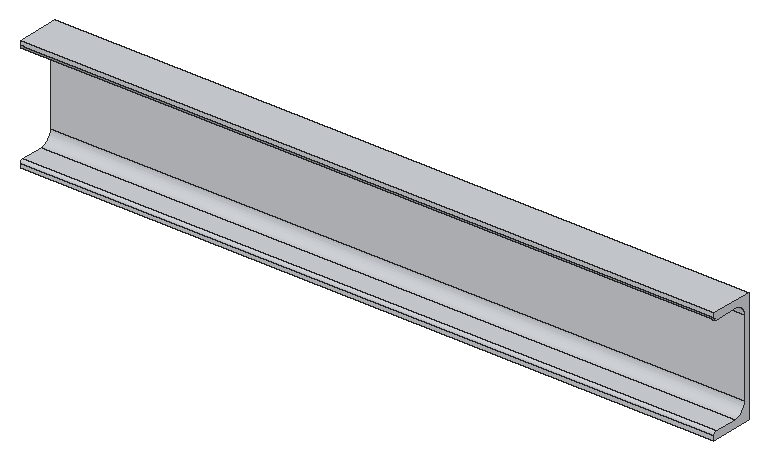
Revit family "StructuralFraming_Channel", category Structural Framing, Revit 2018
Family settings
  Structural Framing Length Roundoff = 1 mm
  Section Shape = C-channel Parallel Flange
  Material for Model Behavior = Steel
  Always export as geometry = No
  Always vertical = Yes
  Cut with Voids When Loaded = No
  Symbolic Representation = From Project Settings
  Shared = No
  Show family pre-cut in plan views = Yes
Parameters (values of type "UAP200")
  Width = 75 mm
  Web Toe of Fillet = 0 mm
  Web Thickness = 8 mm
  Web Fillet = 20 mm
  Warping Constant = (empty or 0)
  Torsional Moment of Inertia = 0 cm⁴
  Torsional Modulus = 0 cm³
  Structural Material [instance] = none
  Shear Area weak axis = 0.0 cm²
  Shear Area strong axis = 0.0 cm²
  Section Area = 0.0 cm²
  Principal Axes Angle = 0.00°
  Plastic Modulus weak axis = 0 cm³
  Plastic Modulus strong axis = 0 cm³
  Perimeter = (empty or 0)
  Nominal Weight = 0 N/m
  Moment of Inertia weak axis = 0 cm⁴
  Moment of Inertia strong axis = 0 cm⁴
  Height = 200 mm
  Flange Toe of Fillet = 5 mm
  Flange Thickness = 12 mm
  Elastic Modulus weak axis = 0 cm³
  Elastic Modulus strong axis = 0 cm³
  Clear Web Height = 0 mm
  Centroid Vertical = 0 mm
  Centroid Horizontal = 22 mm
  Bolt Spacing = 0 mm
  built-in parameter 1005539 = (empty or 0)
  Assembly Code = ""
  Length [instance] = 1500 mm
Reference planes
  plane 1 "Center (Front/Back)": y = 0
  plane 2: z = 0
  plane 3 "Center (Left/Right)": x = 4.61
  plane 4 "Member Left": x = -604.99
  plane 5 "Member Right": x = 614.21
  plane 6: y = 22.2
  plane 7: y = -52.8
  plane 8 "Top": z = 100
  plane 9: z = -100
  plane 10 "t": y = 17.462
  plane 11 "Left": x = -757.39
  plane 12 "Right": x = 742.61
Forms (mm)
  Sweep 1, solid, material <- "Structural Material", detail levels fine
    path origin (0, 0, 0) x (1, 0, 0) y (0, 1, 0)
      loop
        line (614.21, 0) -> (-604.99, 0)
    profile "M_Parallel Channel-Profile-Fine : M_Parallel Channel-Profile-Fine" origin (4.61, 0, 0) x (0, -1, 0) y (0, 0, 1)
      loop
        line (-22, -100) -> (53, -100) -> (53, -93)
        arc (53, -93) -> (51.536, -89.464) -> (48, -88) r 5
        line (48, -88) -> (6, -88)
        arc (6, -88) -> (-8.142, -82.142) -> (-14, -68) r 20
        line (-14, -68) -> (-14, 68)
        arc (-14, 68) -> (-8.142, 82.142) -> (6, 88) r 20
        line (6, 88) -> (48, 88)
        arc (48, 88) -> (51.536, 89.464) -> (53, 93) r 5
        line (53, 93) -> (53, 100) -> (-22, 100) -> (-22, -100)
  Sweep 2, solid, material <- "Structural Material", detail levels medium
    path origin (0, 0, 0) x (1, 0, 0) y (0, 1, 0)
      loop
        line (614.21, 0) -> (-604.99, 0)
    profile "M_Parallel Channel-Profile-Medium : M_Parallel Channel-Profile-Medium" origin (4.61, 0, 0) x (0, -1, 0) y (0, 0, 1)
      loop
        line (-22, -100) -> (53, -100) -> (53, -88) -> (-14, -88) -> (-14, 88) -> (53, 88) -> (53, 100) -> (-22, 100) -> (-22, -100)
Lines and regions (mm)
  symbolic lines, style "Hidden Faces", detail levels medium+fine
    curve 1: line (-604.99, 17.462, 0) -> (614.21, 17.462, 0)
    curve 2: line (-604.99, 17.462, 86.531) -> (614.21, 17.462, 86.531)
    curve 3: line (-604.99, 17.462, -86.531) -> (614.21, 17.462, -86.531)
  symbolic lines, style "Stick Symbols", detail levels coarse
    curve 4: line (4.61, 22, 100) -> (4.61, -53, 100)
    curve 5: line (4.61, 22, -100) -> (4.61, 22, 100)
    curve 6: line (4.61, -53, -100) -> (4.61, 22, -100)
Dimensions and locks
  plane 6 to plane 7 = 75 mm
  plane 9 to plane 8 "Top" = 200 mm
  plane 6 to plane 1 "Center (Front/Back)" = 22.2 mm
  equal spacing: plane 9, plane 2, plane 8 "Top"
  "Length": plane 11 "Left" to plane 12 "Right"
  aligned and locked: Sweep 1 sketch curve to plane 1 "Center (Front/Back)"
  aligned and locked: Sweep 2 sketch curve to plane 1 "Center (Front/Back)"
  aligned and locked: curve 4 to Sweep 2
  aligned and locked: curve 5 to Sweep 2
  aligned and locked: Sweep 2 to curve 6
  aligned and locked: Sweep 2 to curve 4
  aligned and locked: curve 6 to Sweep 2
  aligned and locked: plane 4 "Member Left" to Sweep 1 sketch curve
  aligned and locked: plane 5 "Member Right" to Sweep 1 sketch curve
  aligned and locked: plane 4 "Member Left" to Sweep 2 sketch curve
  aligned and locked: plane 5 "Member Right" to Sweep 2 sketch curve
  aligned and locked: plane 4 "Member Left" to curve 1
  aligned and locked: plane 5 "Member Right" to curve 1
  aligned and locked: plane 4 "Member Left" to curve 2
  aligned and locked: plane 5 "Member Right" to curve 2
  aligned and locked: plane 4 "Member Left" to curve 3
  aligned and locked: plane 5 "Member Right" to curve 3
Automatic sketch dimensions
  curve 1 to plane 10 "t" = 0 mm
  curve 3 to plane 9 = 13.469 mm
  plane 8 "Top" to curve 2 = 13.469 mm
